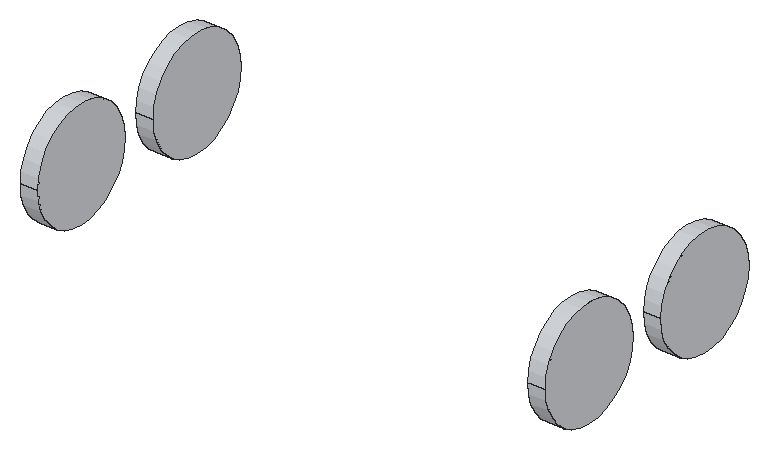
Revit family "TOTUS2MAXI", category Mechanical Equipment, Revit 2013
Parameters
  perational and Maintenance Manual = "http://www.vent-axia.com/files/pdf-downloads/445924%20D.pdf"
  Warranty period = "Unit 2 Years,Motor 5 Years"
  Fan Power = "1000W max"
  AC Voltage Input = "220-240 V AC (single phase)"
  Width (including suspension bracket) = "1212mm"
  Width (excluding suspension bracket) = "1130mm"
  Weight = "250kg"
  Spigot Diameter = "400mm"
  Product Description = "Demand Energy Recovery Ventilation"
  Part Number = "TOTUS2MAXI"
  Operating Temperature = "(-10C to +40C)"
  Operating Humidity = "0% to 95% RH (non-condensing) – weatherproof unit option"
  Manufacturer - Website = "www.vent-axia.com"
  Manufacturer - Name = "Vent-Axia Ltd"
  Manufacturer - Email = "sales@vent-axia.com"
  Manufacturer - Contact Phone = "0844 856 0590"
  Manufacturer - Address = "Fleming Way, Crawley, West Sussex RH10 9YX"
  Length (including Spigots) = "1924mm"
  Length (excluding Spigots) = "1800mm"
  IP Rating - Unit = "IPX4"
  IP Rating - Commissioning Interface = "IP42"
  Height (excluding Spigots) = "660mm"
  Filters = "445946"
  Country of Manufacture = "UK"
  Condensate = "10mm"
  Category = "Sentinel Totus 2"
  AC Frequency Input = "50Hz nominal"
Reference planes
  plane 1 "Center (Front/Back)": y = 0
  plane 2: z = 0
  plane 3 "Center (Left/Right)": x = 0
  plane 4: x = 962
  plane 5: y = 606
  plane 6: y = -606
  plane 7: x = -962
Forms (mm)
  Extrusion 1, solid
    sketch origin (-962, 0, 0) x (0, 1, 0) y (0, 0, 1)
      loop
        circle (284.965, 382.25) r 200
      loop
        circle (-244.725, 382.25) r 200
    from 0 to 63.687
  Extrusion 2, solid
    sketch origin (962, 0, 0) x (0, 1, 0) y (0, 0, -1)
      loop
        circle (284.965, -382.25) r 200
      loop
        circle (-244.725, -382.25) r 200
    from 0 to 63.687
Connectors
  hvac at (962, -244.725, 382.25)
    settings: on Extrusion 2, index 1, duct flow 0.0 L/s, flow factor 0, pres drop 0.0 Pa, loss coef 0, conn angle 0.00°, conn width 304.8 mm, conn height 304.8 mm, conn radius 200 mm, duct sys type 1, conn prof type 0, flow config 0, flow direction 1, loss method 0, conn ref index -1, conn util no, is conn primary yes, conn desc ""
  hvac at (962, 284.965, 382.25)
    settings: on Extrusion 2, index 2, duct flow 0.0 L/s, flow factor 0, pres drop 0.0 Pa, loss coef 0, conn angle 0.00°, conn width 304.8 mm, conn height 304.8 mm, conn radius 200 mm, duct sys type 3, conn prof type 0, flow config 0, flow direction 2, loss method 0, conn ref index -1, conn util no, is conn primary no, conn desc ""
  hvac at (-962, -244.725, 382.25)
    settings: on Extrusion 1, index 3, duct flow 0.0 L/s, flow factor 0, pres drop 0.0 Pa, loss coef 0, conn angle 0.00°, conn width 304.8 mm, conn height 304.8 mm, conn radius 200 mm, duct sys type 2, conn prof type 0, flow config 0, flow direction 1, loss method 0, conn ref index -1, conn util no, is conn primary no, conn desc ""
  hvac at (-962, 284.965, 382.25)
    settings: on Extrusion 1, index 4, duct flow 0.0 L/s, flow factor 0, pres drop 0.0 Pa, loss coef 0, conn angle 0.00°, conn width 304.8 mm, conn height 304.8 mm, conn radius 200 mm, duct sys type 1, conn prof type 0, flow config 0, flow direction 2, loss method 0, conn ref index -1, conn util no, is conn primary no, conn desc ""
